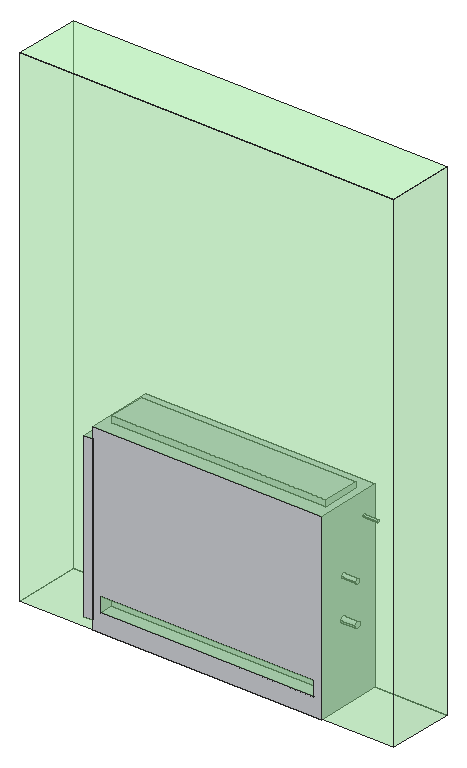
Revit family "BC_Hitachi_RPFI-FSN2E-1.0-2.5_LOD200", category Equipement de génie climatique, Revit 2016
Family settings
  Type d'élément = Normal
  Cote de connecteur circulaire = Utiliser le diamètre
  Numéro OmniClass = 23.75.00.00
  Titre OmniClass = Climate Control (HVAC)
  Basée sur le plan de construction = Non
  Toujours verticalement = Oui
  Couper avec des vides une fois chargée = Non
  Partagée = Non
  Point de calcul de pièce = Non
Parameters (values of type "RPFI FSN2E 1.0")
  Usage Current = 5 A
  Sound power max (dB(A)) = 60
  Acoustic Pressure Level Medium (dB) = "36"
  Refrigerant = "R410A (factory-charged corrosion-proof nitrogen)"
  Product Code = "7E460001"
  Overall Width = 754.00 mm
  Overall Height = 600.00 mm
  Overall Depth = 220.00 mm
  Output Width = 704.00 mm
  Output Height = 122.00 mm
  Outlet Diameter = 18.50 mm
  Operation and service space [instance] = yes
  Number of Poles = "1"
  Nominal Voltage = 230 V
  Model = "RPFI - FSN2E - Floor concealed type"
  Minimum Air Flow = 11000.0 L/min
  Minimum AC Voltage = 207 V
  Maximum Air Flow = 16000.0 L/min
  Maximum AC Voltage = 253 V
  Mass = 27.00 kg
  Liquid Diameter = 6.35 mm
  Input Width = 704.00 mm
  Input Height = 50.00 mm
  Heating Capacity = 5.6 kW
  Gas Diameter = 12.70 mm
  Frequency = 50 Hz
  Fan motor type (output) = 45 W
  Fabricant = "HITACHI"
  Electrical box (high) distance = 30.00 mm
  Electrical box (low) distance = 30.00 mm
  Description = "RPFI - FSN2E - Floor concealed type"
  Cooling Capacity = 5 kW
  Commentaires du type = "RPFI FSN2E 1.0"
  Color = "Spring white (4.1Y8.5/0.7)"
  Air outlet = 20.00 mm
  Air flow Speed (high/medium/low) m3/min = "16/14/11"
  Acoustic Pressure Level Mini (dB) = 32
  Acoustic Pressure Level Maxi (dB) = 39
Types (4, lengths in mm): name | Acoustic Pressure Level Medium (dB) | Product Code | Overall Width | Output Width | Minimum Air Flow | Maximum Air Flow | Mass | Liquid Diameter | Input Width | Heating Capacity | Gas Diameter | Fan motor type (output) | Cooling Capacity | Commentaires du type | Air flow Speed (high/medium/low) m3/min | Acoustic Pressure Level Mini (dB) | Acoustic Pressure Level Maxi (dB)
  RPFI FSN2E 1.0 | "36" | "7E460001" | 754.00 | 704.00 | 11000.0 L/min | 16000.0 L/min | 27.00 kg | 6.35 | 704.00 | 5.6 kW | 12.70 | 45 W | 5 kW | "RPFI FSN2E 1.0" | "16/14/11" | 32 | 39
  RPFI FSN2E 1.5 | "35" | "7E460002" | 879.00 | 829.00 | 9000.0 L/min | 12000.0 L/min | 23.00 kg | 6.35 | 829.00 | 4 kW | 12.70 | 28 W | 3.6 kW | "RPFI FSN2E 1.5" | "12/10/9" | 31 | 38
  RPFI FSN2E 2.5 | "38" | "7E460004" | 1129.00 | 1079.00 | 11000.0 L/min | 16000.0 L/min | 28.00 kg | 9.52 | 1079.00 | 6.3 kW | 15.88 | 45 W | 5.6 kW | "RPFI FSN2E 2.5" | "16/14/11" | 34 | 42
  RPFI FSN2E 2.0 | "36" | "7E460003" | 1129.00 | 1079.00 | 11000.0 L/min | 16000.0 L/min | 27.00 kg | 6.35 | 1079.00 | 5.6 kW | 15.88 | 45 W | 5 kW | "RPFI FSN2E 2.0" | "16/14/11" | 32 | 39
Reference planes
  plane 1 "Centre (avant/arrière)": y = 0
  plane 2: z = 0
  plane 3 "Centre (gauche/droite)": x = 0
  plane 4 "ARRIERE": y = 110
  plane 5 "AVANT": y = -110
  plane 6 "GAUCHE": x = -377
  plane 7 "DROITE": x = 377
  plane 8 "Hauteur": z = 600
  plane 9: z = 620
  plane 10: z = 30
  plane 11: z = 570
  plane 12: x = -352
  plane 13: x = 352
  plane 14: y = 61
  plane 15: y = -61
  plane 16: z = 109.847
  plane 17: x = -352
  plane 18: x = 352
  plane 19: z = 59.847
  plane 20 "A": x = -617
  plane 21 "B": x = 617
  plane 22: z = 1620
Forms (mm)
  Extrusion 1, solid
    sketch origin (0, 0, 0) x (1, 0, 0) y (0, 1, 0)
      loop
        line (-377, 110) -> (-377, -110) -> (377, -110) -> (377, 110) -> (-377, 110)
    from 0 to 600
  Extrusion 2, solid
    sketch origin (-377, 0, 0) x (0, -1, 0) y (0, 0, 1)
      loop
        line (-110, 564.459) -> (-110, 30) -> (110, 30) -> (110, 564.459) -> (-110, 564.459)
    from 0 to 30
  Extrusion 3, void
    sketch origin (0, -110, 0) x (1, 0, 0) y (0, 0, 1)
      loop
        line (-352, 109.847) -> (-352, 59.847) -> (352, 59.847) -> (352, 109.847) -> (-352, 109.847)
    from 0 to -45
  Extrusion 4, solid
    sketch origin (377, 0, 0) x (0, 1, 0) y (0, 0, 1)
      loop
        circle (61, 529) r 3.175
    from 0 to 50
  Extrusion 5, solid
    sketch origin (0, 0, 600) x (-1, 0, 0) y (0, -1, 0)
      loop
        line (352, -61) -> (352, 61) -> (-352, 61) -> (-352, -61) -> (352, -61)
    from 0 to 20
  Extrusion 6, solid
    sketch origin (377, 0, 0) x (0, 1, 0) y (0, 0, 1)
      loop
        circle (-23, 388) r 6.35
    from 0 to 50
  Extrusion 7, solid
    sketch origin (377, 0, 0) x (0, 1, 0) y (0, 0, 1)
      loop
        circle (-24, 260) r 9.25
    from 0 to 50
  Extrusion 8, solid, material "Operation and service space", visible <- "Operation and service space"
    sketch origin (0, 0, 0) x (1, 0, 0) y (0, 1, 0)
      loop
        line (-617, 110) -> (-617, -110) -> (617, -110) -> (617, 110) -> (-617, 110)
    from 0 to 1620
Cuts and joins
  Extrusion 3 cuts Extrusion 1
Lines and regions (mm)
  model lines, visible <- "Operation and service space"
    curve 1: line (-617, -110, 1620) -> (617, -110, 1620)
    curve 2: line (-617, -110, 0) -> (-617, -110, 1620)
    curve 3: line (617, -110, 0) -> (-617, -110, 0)
    curve 4: line (617, -110, 1620) -> (617, -110, 0)
    curve 5: line (-617, 110, 1620) -> (617, 110, 1620)
    curve 6: line (-617, 110, 0) -> (-617, 110, 1620)
    curve 7: line (617, 110, 0) -> (-617, 110, 0)
    curve 8: line (617, 110, 1620) -> (617, 110, 0)
    curve 9: line (-617, -110, 0) -> (-617, 110, 0)
    curve 10: line (-617, -110, 1620) -> (-617, 110, 1620)
    curve 11: line (617, -110, 1620) -> (617, 110, 1620)
    curve 12: line (617, -110, 0) -> (617, 110, 0)
Dimensions and locks
  "Overall Width": plane 6 "GAUCHE" to plane 7 "DROITE"
  equal spacing: plane 6 "GAUCHE", plane 3 "Centre (gauche/droite)", plane 7 "DROITE"
  equal spacing: plane 4 "ARRIERE", plane 1 "Centre (avant/arrière)", plane 5 "AVANT"
  "Overall Depth": plane 4 "ARRIERE" to plane 5 "AVANT"
  "Overall Height": plane 8 "Hauteur" to plane 2
  "Air outlet": plane 9 to plane 8 "Hauteur"
  "Electrical box (high) distance": plane 8 "Hauteur" to plane 11
  "Electrical box (low) distance": plane 10 to plane 2
  "Input Height": plane 16 to plane 19
  "Input Width": plane 18 to plane 17
  equal spacing: plane 18, plane 3 "Centre (gauche/droite)", plane 17
  "Output Width": plane 12 to plane 13
  "Output Height": plane 14 to plane 15
  equal spacing: plane 14, plane 1 "Centre (avant/arrière)", plane 15
  Extrusion 4 sketch curve to plane 2 = 529.00 mm
  Extrusion 6 sketch curve to plane 4 "ARRIERE" = 133.00 mm
  Extrusion 6 sketch curve to plane 2 = 388.00 mm
  Extrusion 7 sketch curve to plane 4 "ARRIERE" = 134.00 mm
  Extrusion 7 sketch curve to plane 2 = 260.00 mm
  equal spacing: plane 12, plane 3 "Centre (gauche/droite)", plane 13
  locked: plane 21 "B" to plane 7 "DROITE" at 240
  equal spacing: plane 20 "A", plane 3 "Centre (gauche/droite)", plane 21 "B"
  locked: plane 22 to plane 9 at 1000
  "Liquid Diameter": diameter of Extrusion 4 sketch curve
  "Gas Diameter": diameter of Extrusion 6 sketch curve
  "Outlet Diameter": diameter of Extrusion 7 sketch curve
  aligned and locked: level to plane 2
  aligned and locked: Extrusion 1 sketch curve to plane 4 "ARRIERE"
  aligned and locked: Extrusion 1 sketch curve to plane 6 "GAUCHE"
  aligned and locked: Extrusion 1 sketch curve to plane 5 "AVANT"
  aligned and locked: Extrusion 1 sketch curve to plane 7 "DROITE"
  aligned and locked: plane 8 "Hauteur" to Extrusion 1
  aligned and locked: plane 4 "ARRIERE" to Extrusion 2
  aligned and locked: plane 5 "AVANT" to Extrusion 2
  aligned and locked: Extrusion 2 to plane 10
  aligned and locked: Extrusion 3 sketch curve to plane 16
  aligned and locked: plane 17 to Extrusion 3 sketch curve
  aligned and locked: plane 19 to Extrusion 3 sketch curve
  aligned and locked: Extrusion 3 sketch curve to plane 18
  aligned and locked: Extrusion 5 sketch curve to plane 14
  aligned and locked: plane 12 to Extrusion 5 sketch curve
  aligned and locked: plane 15 to Extrusion 5 sketch curve
  aligned and locked: Extrusion 5 sketch curve to plane 13
  aligned and locked: curve 1 to plane 22
  aligned and locked: curve 2 to plane 20 "A"
  aligned and locked: plane 2 to curve 3
  aligned and locked: plane 21 "B" to curve 4
  aligned and locked: Extrusion 8 sketch curve to curve 7
  aligned and locked: Extrusion 8 sketch curve to curve 9
  aligned and locked: Extrusion 8 sketch curve to curve 3
  aligned and locked: Extrusion 8 sketch curve to curve 12
  aligned and locked: plane 22 to Extrusion 8
Automatic sketch dimensions
  Extrusion 2 sketch curve to plane 4 "ARRIERE" = 0.00 mm
  Extrusion 2 sketch curve to plane 5 "AVANT" = 0.00 mm
  level to Extrusion 2 sketch curve = 30.00 mm
  Extrusion 2 sketch curve to plane 8 "Hauteur" = 35.541 mm
  plane 21 "B" to curve 8 = 0.00 mm
  plane 20 "A" to curve 5 = 0.00 mm
  curve 6 to level = 0.00 mm
  curve 6 to plane 22 = 0.00 mm
  curve 10 to plane 5 "AVANT" = 0.00 mm
  curve 10 to plane 22 = 0.00 mm
  curve 9 to level = 0.00 mm
  curve 9 to plane 4 "ARRIERE" = 0.00 mm
  curve 10 to plane 4 "ARRIERE" = 0.00 mm
  curve 9 to plane 5 "AVANT" = 0.00 mm
  curve 11 to plane 4 "ARRIERE" = 0.00 mm
  curve 11 to plane 22 = 0.00 mm
  curve 12 to level = 0.00 mm
  curve 12 to plane 4 "ARRIERE" = 0.00 mm
  curve 12 to plane 5 "AVANT" = 0.00 mm
  curve 11 to plane 5 "AVANT" = 0.00 mm
  Extrusion 4 sketch curve to plane 14 = 0.00 mm
Connectors
  electrical at (-407, 0, 297.23), driven by "Nominal Voltage"
    settings: on Extrusion 2, index 1, voltage 230 V, apparent load 0 VA, apparent load phase1 0 VA, apparent load phase2 0 VA, apparent load phase3 0 VA, power factor 1, load classification "Autre", number of poles 1, system type 31, power factor state 1, is connector primary yes, connector utility no, sub classification motor no, connector description ""
  piping at (427, -24, 260), diameter 18.5, driven by "Outlet Diameter"
    settings: on Extrusion 7, index 2, connector inside diameter 609.6 mm, connector length 0.00 mm, flow factor 0, pipe flow 0.0 L/s, pressure drop 0.0 Pa, fitting loss kfactor 0, connector angle 0.00°, fixture units 0, engagement length 0.00 mm, angle of deflection 0.00°, flow configuration 0, flow direction 2, fitting loss method 0, system type 16, joint type 0, gender type 0, connector reference index -1, connector utility 0, adjustable connector no, is connector primary yes, connector description ""
  piping at (427, -23, 388), diameter 12.7, driven by "Gas Diameter"
    settings: on Extrusion 6, index 3, connector inside diameter 609.6 mm, connector length 0.00 mm, flow factor 0, pipe flow 0.0 L/s, pressure drop 0.0 Pa, fitting loss kfactor 0, connector angle 0.00°, fixture units 0, engagement length 0.00 mm, angle of deflection 0.00°, flow configuration 0, flow direction 0, fitting loss method 0, system type 29, joint type 0, gender type 0, connector reference index -1, connector utility 0, adjustable connector no, is connector primary no, connector description ""
  piping at (427, 61, 529), diameter 6.35, driven by "Liquid Diameter"
    settings: on Extrusion 4, index 4, connector inside diameter 609.6 mm, connector length 0.00 mm, flow factor 0, pipe flow 0.0 L/s, pressure drop 0.0 Pa, fitting loss kfactor 0, connector angle 0.00°, fixture units 0, engagement length 0.00 mm, angle of deflection 0.00°, flow configuration 0, flow direction 0, fitting loss method 0, system type 29, joint type 0, gender type 0, connector reference index -1, connector utility 0, adjustable connector no, is connector primary no, connector description ""
